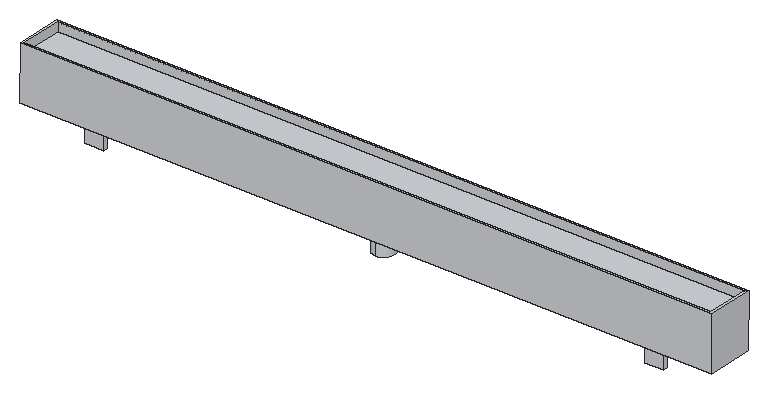
Revit family "Alcon-13150 22 inches-Revit-Family", category Lighting Fixtures, host Face, Revit 2025
Family settings
  Host = Face
  Round Connector Dimension = Use Diameter
  Part Type = Normal
  Cut with Voids When Loaded = No
  Light Source = Yes
  Maintain Annotation Orientation = No
  Shared = No
  Room Calculation Point = No
Parameters
  Wattage = 9.2903 W
  built-in parameter 1150110 = 1 (stored number, unit not read)
  URL = "https://www.alconlighting.com/"
  built-in parameter 1114217 = 1 (stored number, unit not read)
  built-in parameter 1150109 = 1 (stored number, unit not read)
  built-in parameter 1150134 = 3
  built-in parameter 1150113 = 1 (stored number, unit not read)
  Product Page = "https://www.alconlighting.com/13150.html"
  Model = "Alcon 13150"
  Manufacturer = "Alcon Lighting"
  built-in parameter 1150105 = 439.27 (stored number, unit not read)
  Lumens = 1380 lm
  built-in parameter 1150115 = 1 (stored number, unit not read)
  Light Source Symbol Size = 2' - 0"
  built-in parameter 1150137 = (empty or 0)
  built-in parameter 1150139 = (empty or 0)
  Length = 1' - 10 1/2"
  built-in parameter 1150112 = 1 (stored number, unit not read)
  built-in parameter 1150114 = 1 (stored number, unit not read)
  built-in parameter 1150132 = (empty or 0)
  built-in parameter 1150102 = (empty or 0)
  built-in parameter 1150107 = 3200 (stored number, unit not read)
  built-in parameter 1150138 = (empty or 0)
  built-in parameter 1150106 = 4.3927 (stored number, unit not read)
  Emit from Line Length = 2' - 0"
  built-in parameter 1150104 = 13.8 (stored number, unit not read)
  Dimming Lamp Color Temperature Shift = (empty or 0)
  Default Elevation = 4' - 0"
  Color Filter = 16777215
  built-in parameter 1114218 = 1 (stored number, unit not read)
  built-in parameter 1150133 = 10 (stored number, unit not read)
Reference planes (in)
  plane 1 "Center (Front/Back)": y = 0
  plane 2: z = 0
  plane 3 "Center (Left/Right)": x = 0
  plane 4 "Left Grip": x = 2.4492
Forms (in)
  Extrusion 1, solid
    sketch origin (0, 0, 0) x (0, 1, 0) y (0, 0, 1)
      loop
        line (0.75, 0.6875) -> (0.75, 2.4375) -> (-0.75, 2.4375) -> (-0.75, 0.6875) -> (0.75, 0.6875)
    from 0 to 22.5
  Extrusion 2, solid
    sketch origin (11.25, 0.75, 0) x (0, -1, 0) y (1, 0, 0)
      loop
        circle (0.75, 0) r 0.34699
    from 0 to 0.6875
  Extrusion 3, solid
    sketch origin (0, 0, 0) x (1, 0, 0) y (0, 1, 0)
      loop
        line (0.07065, 0.6875) -> (0.07065, -0.6875) -> (22.43664, -0.6875) -> (22.43664, 0.6875) -> (0.07065, 0.6875)
    from 2.09676 to 2.15926
  Extrusion 4, solid
    sketch origin (2.4492, 0, 0) x (0, -1, 0) y (0, 0, 1)
      loop
        line (-0.5, 0.6875) -> (-0.5, 0.58696) -> (-0.39894, 0.58696) -> (-0.39894, 0) -> (-0.27394, 0) -> (-0.27394, 0.58696) -> (0.27394, 0.58696) -> (0.27394, 0) -> (0.39894, 0) -> (0.39894, 0.58696) -> (0.5, 0.58696) -> (0.5, 0.6875) -> (-0.5, 0.6875)
    from 0 to 0.625
  Extrusion 5, solid
    sketch origin (20.0508, 0, 0) x (0, 1, 0) y (0, 0, 1)
      loop
        line (0.5, 0.6875) -> (-0.5, 0.6875) -> (-0.5, 0.58696) -> (-0.39894, 0.58696) -> (-0.39894, 0) -> (-0.27394, 0) -> (-0.27394, 0.58696) -> (0.27394, 0.58696) -> (0.27394, 0) -> (0.39894, 0) -> (0.39894, 0.58696) -> (0.5, 0.58696) -> (0.5, 0.6875)
    from 0 to 0.625
  Extrusion 6, void
    sketch origin (0, 0, 0) x (0, 1, 0) y (0, 0, 1)
      loop
        line (-0.6875, 0.75) -> (0.6875, 0.75) -> (0.6875, 2.4375) -> (-0.6875, 2.4375) -> (-0.6875, 0.75)
    from 0.07065 to 22.43664
Cuts and joins
  Extrusion 6 cuts Extrusion 1
Dimensions and locks (in)
  locked: Extrusion 4 to plane 4 "Left Grip" at 0.625
  "Length": plane 3 "Center (Left/Right)" to Extrusion 1
  locked: plane 3 "Center (Left/Right)" to Extrusion 3 sketch curve at 0.07065
  locked: Extrusion 3 sketch curve to Extrusion 1 at 0.06336
  equal spacing: plane 3 "Center (Left/Right)", Extrusion 2 sketch curve, Extrusion 1
  Extrusion 5 to Extrusion 5 to Extrusion 1 = 0' - 0 5/8" locked, 0' - 1 211/256" locked
  locked: plane 3 "Center (Left/Right)" to cut or joined group of Extrusion 1, Extrusion 6 at 0.07065
  locked: cut or joined group of Extrusion 1, Extrusion 6 to cut or joined group of Extrusion 1, Extrusion 6 at 0.06336
  aligned and locked: plane 2 to host face
  aligned and locked: level to host face
  aligned and locked: Extrusion 1 to plane 3 "Center (Left/Right)"
Automatic sketch dimensions
  host sketch curve to host sketch curve = 8' - 0"  (x2)
  plane 1 "Center (Front/Back)" to Extrusion 1 sketch curve = 0' - 0 3/4"
  Extrusion 1 sketch curve to plane 1 "Center (Front/Back)" = 0' - 0 3/4"
  level to Extrusion 1 sketch curve = 0' - 0 11/16"
  Extrusion 1 sketch curve to Extrusion 1 sketch curve = 0' - 1 3/4"
  plane 1 "Center (Front/Back)" to Extrusion 3 sketch curve = 0' - 0 11/16"
  Extrusion 3 sketch curve to plane 1 "Center (Front/Back)" = 0' - 0 11/16"
  Extrusion 4 sketch curve to level = 0' - 0"  (x2)
  Extrusion 4 sketch curve to plane 1 "Center (Front/Back)" = 0' - 0 1/2"
  Extrusion 4 sketch curve to Extrusion 4 sketch curve = 0' - 0.10106"  (x2)
  Extrusion 4 sketch curve to Extrusion 4 sketch curve = 0' - 0 1/8"  (x2)
  plane 1 "Center (Front/Back)" to Extrusion 4 sketch curve = 0' - 0.27394"
  level to Extrusion 4 sketch curve = 0' - 0.58696"
  Extrusion 4 sketch curve to Extrusion 4 sketch curve = 0' - 0"  (x2)
  Extrusion 4 sketch curve to Extrusion 4 sketch curve = 0' - 0.10054"
  Extrusion 5 sketch curve to level = 0' - 0"  (x2)
  plane 1 "Center (Front/Back)" to Extrusion 5 sketch curve = 0' - 0 1/2"
  Extrusion 5 sketch curve to Extrusion 5 sketch curve = 0' - 0.10106"  (x2)
  Extrusion 5 sketch curve to Extrusion 5 sketch curve = 0' - 0 1/8"  (x2)
  Extrusion 5 sketch curve to plane 1 "Center (Front/Back)" = 0' - 0.27394"
  level to Extrusion 5 sketch curve = 0' - 0.58696"
  Extrusion 5 sketch curve to Extrusion 5 sketch curve = 0' - 0"  (x2)
  Extrusion 5 sketch curve to Extrusion 5 sketch curve = 0' - 0.10054"
  plane 1 "Center (Front/Back)" to Extrusion 2 sketch curve = 0' - 0"
  plane 1 "Center (Front/Back)" to Extrusion 6 sketch curve = 0' - 0 11/16"
  Extrusion 6 sketch curve to plane 1 "Center (Front/Back)" = 0' - 0 11/16"
  level to Extrusion 6 sketch curve = 0' - 0 3/4"
  Extrusion 6 sketch curve to Extrusion 6 sketch curve = 0' - 1 11/16"
  radius of Extrusion 2 sketch curve = 0' - 0.34699"
